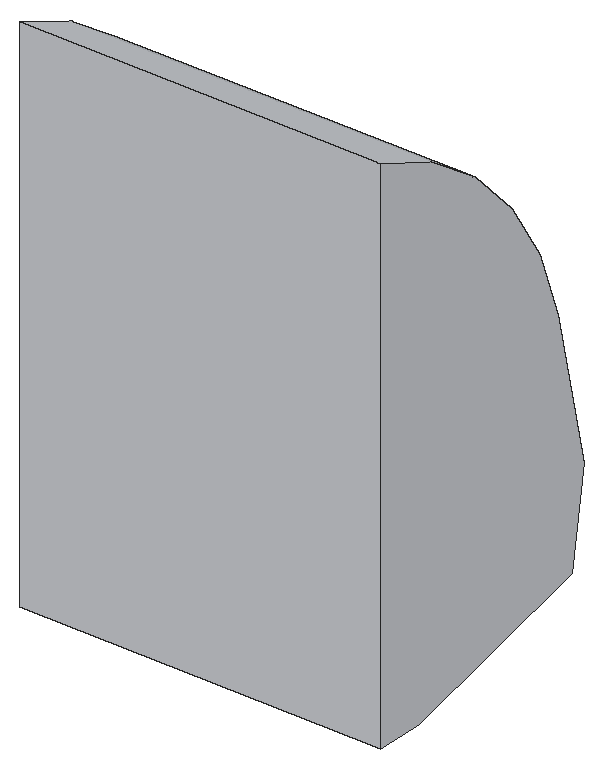
Revit family "DAN DRYER Stainless Design Mini Design 281", category Furniture Systems, host Wall, Revit 2017
Family settings
  Host = Wall
  Round Connector Dimension = Use Diameter
  Part Type = Normal
  Always vertical = Yes
  Cut with Voids When Loaded = No
  Shared = No
  Room Calculation Point = No
Parameters (values of type "Stål")
  Wicth = 228 mm
  URL = "http://www.dandryer.com/Files/Billeder/PDF/Datablade/Nye/Technical%20data%20sheet%20MINI%20DESIGN.pdf"
  Type Image = <None>
  Offset from Floor = 1500 mm
  Model = "Stainless design"
  Manufacturer = "http://www.dandryer.com/"
  Height = 339 mm
  Description = "WARM-AIR HAND DRYER with IR sensor, type MINI DESIGN, Art. no. 281"
  Cost = 0
Reference planes
  plane 1 "Wall": y = 0
  plane 2 "Center (Left/Right)": x = 125
  plane 3 "Back": y = 75
  plane 4 "Top": z = 1500
  plane 5 "Bund": z = 1161
  plane 6: x = 239
  plane 7: x = 11
Forms (mm)
  Extrusion 1, solid
    sketch origin (125, 0, 0) x (0, 1, 0) y (0, 0, 1)
      loop
        line (75, 1161) -> (105, 1161) -> (225.741, 1193.352) -> (235.127, 1252.614)
        arc (235.127, 1252.614) -> (227.544, 1299.386) -> (215.127, 1345.114) r 454
        arc (215.127, 1345.114) -> (164.741, 1437.327) -> (75, 1491.993) r 203
        line (75, 1491.993) -> (75, 1161)
    from -114 to 114
  Extrusion 2, void
    sketch origin (118.75, 105, 1161) x (0, -0.965926, -0.258819) y (1, 0, 0)
      loop
        line (-83.221, 88.709) -> (-83.221, 15.709) -> (-28.221, 15.709) -> (-28.221, 88.709) -> (-83.221, 88.709)
      loop
        line (-50.096, 6.356) -> (-80.096, 6.356)
        arc (-80.096, 6.356) -> (-82.596, 3.856) -> (-80.096, 1.356) r 2.5
        line (-80.096, 1.356) -> (-50.096, 1.356)
        arc (-50.096, 1.356) -> (-47.596, 3.856) -> (-50.096, 6.356) r 2.5
      loop
        line (-50.096, -3.644) -> (-80.096, -3.644)
        arc (-80.096, -3.644) -> (-82.596, -6.144) -> (-80.096, -8.644) r 2.5
        line (-80.096, -8.644) -> (-50.096, -8.644)
        arc (-50.096, -8.644) -> (-47.596, -6.144) -> (-50.096, -3.644) r 2.5
      loop
        line (-50.096, -13.644) -> (-80.096, -13.644)
        arc (-80.096, -13.644) -> (-82.596, -16.144) -> (-80.096, -18.644) r 2.5
        line (-80.096, -18.644) -> (-50.096, -18.644)
        arc (-50.096, -18.644) -> (-47.596, -16.144) -> (-50.096, -13.644) r 2.5
      loop
        line (-50.096, -23.644) -> (-80.096, -23.644)
        arc (-80.096, -23.644) -> (-82.596, -26.144) -> (-80.096, -28.644) r 2.5
        line (-80.096, -28.644) -> (-50.096, -28.644)
        arc (-50.096, -28.644) -> (-47.596, -26.144) -> (-50.096, -23.644) r 2.5
      loop
        line (-50.096, -33.644) -> (-80.096, -33.644)
        arc (-80.096, -33.644) -> (-82.596, -36.144) -> (-80.096, -38.644) r 2.5
        line (-80.096, -38.644) -> (-50.096, -38.644)
        arc (-50.096, -38.644) -> (-47.596, -36.144) -> (-50.096, -33.644) r 2.5
      loop
        line (-50.096, -43.644) -> (-80.096, -43.644)
        arc (-80.096, -43.644) -> (-82.596, -46.144) -> (-80.096, -48.644) r 2.5
        line (-80.096, -48.644) -> (-50.096, -48.644)
        arc (-50.096, -48.644) -> (-47.596, -46.144) -> (-50.096, -43.644) r 2.5
      loop
        line (-50.096, -53.644) -> (-80.096, -53.644)
        arc (-80.096, -53.644) -> (-82.596, -56.144) -> (-80.096, -58.644) r 2.5
        line (-80.096, -58.644) -> (-50.096, -58.644)
        arc (-50.096, -58.644) -> (-47.596, -56.144) -> (-50.096, -53.644) r 2.5
      loop
        line (-50.096, -63.644) -> (-80.096, -63.644)
        arc (-80.096, -63.644) -> (-82.596, -66.144) -> (-80.096, -68.644) r 2.5
        line (-80.096, -68.644) -> (-50.096, -68.644)
        arc (-50.096, -68.644) -> (-47.596, -66.144) -> (-50.096, -63.644) r 2.5
      loop
        line (-50.096, -73.644) -> (-80.096, -73.644)
        arc (-80.096, -73.644) -> (-82.596, -76.144) -> (-80.096, -78.644) r 2.5
        line (-80.096, -78.644) -> (-50.096, -78.644)
        arc (-50.096, -78.644) -> (-47.596, -76.144) -> (-50.096, -73.644) r 2.5
      loop
        line (-30.096, 6.356) -> (-40.096, 6.356)
        arc (-40.096, 6.356) -> (-42.596, 3.856) -> (-40.096, 1.356) r 2.5
        line (-40.096, 1.356) -> (-30.096, 1.356)
        arc (-30.096, 1.356) -> (-27.596, 3.856) -> (-30.096, 6.356) r 2.5
      loop
        line (-30.096, -3.644) -> (-40.096, -3.644)
        arc (-40.096, -3.644) -> (-42.596, -6.144) -> (-40.096, -8.644) r 2.5
        line (-40.096, -8.644) -> (-30.096, -8.644)
        arc (-30.096, -8.644) -> (-27.596, -6.144) -> (-30.096, -3.644) r 2.5
      loop
        line (-30.096, -13.644) -> (-40.096, -13.644)
        arc (-40.096, -13.644) -> (-42.596, -16.144) -> (-40.096, -18.644) r 2.5
        line (-40.096, -18.644) -> (-30.096, -18.644)
        arc (-30.096, -18.644) -> (-27.596, -16.144) -> (-30.096, -13.644) r 2.5
      loop
        line (-30.096, -23.644) -> (-40.096, -23.644)
        arc (-40.096, -23.644) -> (-42.596, -26.144) -> (-40.096, -28.644) r 2.5
        line (-40.096, -28.644) -> (-30.096, -28.644)
        arc (-30.096, -28.644) -> (-27.596, -26.144) -> (-30.096, -23.644) r 2.5
      loop
        line (-30.096, -33.644) -> (-40.096, -33.644)
        arc (-40.096, -33.644) -> (-42.596, -36.144) -> (-40.096, -38.644) r 2.5
        line (-40.096, -38.644) -> (-30.096, -38.644)
        arc (-30.096, -38.644) -> (-27.596, -36.144) -> (-30.096, -33.644) r 2.5
      loop
        line (-30.096, -43.644) -> (-40.096, -43.644)
        arc (-40.096, -43.644) -> (-42.596, -46.144) -> (-40.096, -48.644) r 2.5
        line (-40.096, -48.644) -> (-30.096, -48.644)
        arc (-30.096, -48.644) -> (-27.596, -46.144) -> (-30.096, -43.644) r 2.5
      loop
        line (-30.096, -53.644) -> (-40.096, -53.644)
        arc (-40.096, -53.644) -> (-42.596, -56.144) -> (-40.096, -58.644) r 2.5
        line (-40.096, -58.644) -> (-30.096, -58.644)
        arc (-30.096, -58.644) -> (-27.596, -56.144) -> (-30.096, -53.644) r 2.5
      loop
        line (-30.096, -63.644) -> (-40.096, -63.644)
        arc (-40.096, -63.644) -> (-42.596, -66.144) -> (-40.096, -68.644) r 2.5
        line (-40.096, -68.644) -> (-30.096, -68.644)
        arc (-30.096, -68.644) -> (-27.596, -66.144) -> (-30.096, -63.644) r 2.5
      loop
        line (-30.096, -73.644) -> (-40.096, -73.644)
        arc (-40.096, -73.644) -> (-42.596, -76.144) -> (-40.096, -78.644) r 2.5
        line (-40.096, -78.644) -> (-30.096, -78.644)
        arc (-30.096, -78.644) -> (-27.596, -76.144) -> (-30.096, -73.644) r 2.5
      loop
        line (-50.096, 108.709) -> (-80.096, 108.709)
        arc (-80.096, 108.709) -> (-82.596, 106.209) -> (-80.096, 103.709) r 2.5
        line (-80.096, 103.709) -> (-50.096, 103.709)
        arc (-50.096, 103.709) -> (-47.596, 106.209) -> (-50.096, 108.709) r 2.5
      loop
        line (-50.096, 98.709) -> (-80.096, 98.709)
        arc (-80.096, 98.709) -> (-82.596, 96.209) -> (-80.096, 93.709) r 2.5
        line (-80.096, 93.709) -> (-50.096, 93.709)
        arc (-50.096, 93.709) -> (-47.596, 96.209) -> (-50.096, 98.709) r 2.5
      loop
        line (-30.096, 108.709) -> (-40.096, 108.709)
        arc (-40.096, 108.709) -> (-42.596, 106.209) -> (-40.096, 103.709) r 2.5
        line (-40.096, 103.709) -> (-30.096, 103.709)
        arc (-30.096, 103.709) -> (-27.596, 106.209) -> (-30.096, 108.709) r 2.5
      loop
        line (-30.096, 98.709) -> (-40.096, 98.709)
        arc (-40.096, 98.709) -> (-42.596, 96.209) -> (-40.096, 93.709) r 2.5
        line (-40.096, 93.709) -> (-30.096, 93.709)
        arc (-30.096, 93.709) -> (-27.596, 96.209) -> (-30.096, 98.709) r 2.5
      loop
        line (-50.096, -83.644) -> (-80.096, -83.644)
        arc (-80.096, -83.644) -> (-82.596, -86.144) -> (-80.096, -88.644) r 2.5
        line (-80.096, -88.644) -> (-50.096, -88.644)
        arc (-50.096, -88.644) -> (-47.596, -86.144) -> (-50.096, -83.644) r 2.5
      loop
        line (-30.096, -83.644) -> (-40.096, -83.644)
        arc (-40.096, -83.644) -> (-42.596, -86.144) -> (-40.096, -88.644) r 2.5
        line (-40.096, -88.644) -> (-30.096, -88.644)
        arc (-30.096, -88.644) -> (-27.596, -86.144) -> (-30.096, -83.644) r 2.5
    from 0 to 5
Cuts and joins
  Extrusion 2 cuts Extrusion 1
Text (mm)
  text "Placement Side" at (-1848.837, 1116.779, 0), in view "Ref. Level"
  text "Placement side" at (0, 1409.804, 2854.306), in view "Left"
  text "Placement side" at (0, 499.811, 2980.732), in view "Right"
Dimensions and locks
  locked: plane 3 "Back" to host wall
  "Height": plane 5 "Bund" to plane 4 "Top"
  equal spacing: plane 7, plane 2 "Center (Left/Right)", plane 6
  "Wicth": plane 7 to plane 6
  "Offset from Floor": level to plane 4 "Top"
  aligned and locked: plane 1 "Wall" to host wall
  aligned and locked: Extrusion 1 sketch curve to host wall
  aligned and locked: plane 7 to Extrusion 1
  aligned and locked: Extrusion 1 to plane 6
Automatic sketch dimensions
  Extrusion 1 sketch curve to plane 5 "Bund" = 0 mm
  Extrusion 1 sketch curve to host wall = 17.862 mm
  plane 5 "Bund" to Extrusion 1 sketch curve = 42.441 mm
  host wall to Extrusion 1 sketch curve = 141.202 mm
  Extrusion 1 sketch curve to Extrusion 1 sketch curve = 30 mm
  plane 5 "Bund" to Extrusion 1 sketch curve = 32.352 mm
  Extrusion 1 sketch curve to Extrusion 1 sketch curve = 120.741 mm
  Extrusion 1 sketch curve to Extrusion 1 sketch curve = 9.386 mm
  Extrusion 1 sketch curve to Extrusion 1 sketch curve = 59.261 mm
  plane 5 "Bund" to Extrusion 1 sketch curve = 136.2 mm
  Extrusion 1 sketch curve to Extrusion 1 sketch curve = 20 mm
  Extrusion 1 to Extrusion 2 sketch curve = 41.779 mm
  Extrusion 2 sketch curve to Extrusion 2 sketch curve = 3.125 mm  (x2)
  Extrusion 2 sketch curve to Extrusion 2 sketch curve = 0 mm  (x38)
  Extrusion 2 sketch curve to Extrusion 1 = 24.106 mm
  Extrusion 1 to Extrusion 2 sketch curve = 44.904 mm
  Extrusion 2 sketch curve to Extrusion 2 sketch curve = 30 mm  (x2)
  Extrusion 2 sketch curve to Extrusion 2 sketch curve = 10 mm  (x5)
  Extrusion 2 sketch curve to Extrusion 2 sketch curve = 1.875 mm
  Extrusion 2 sketch curve to Extrusion 2 sketch curve = 2.5 mm  (x25)
  Extrusion 2 sketch curve to Extrusion 2 sketch curve = 5 mm  (x22)
  Extrusion 2 sketch curve to Extrusion 2 sketch curve = 9.353 mm
  Extrusion 2 sketch curve to Extrusion 1 = 31.541 mm
